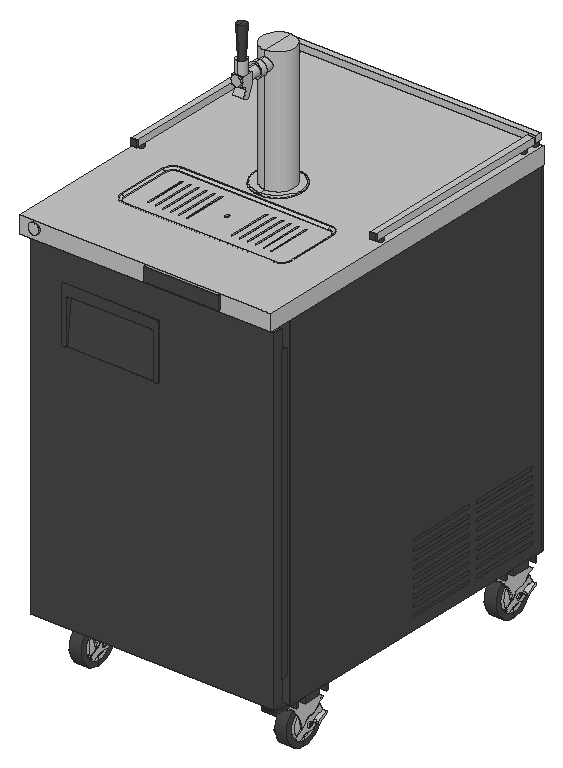
Revit family "QF_EVEREST_EBD1", category Specialty Equipment, Revit 2015
Parameters
  Weight in Pounds = 167
  Watts = if(Phase = 3, Volts * FL Amps * 1.73, Volts * FL Amps)  # 287.5 W
  Volts = 115 V
  URL Cutsheet = ""
  Specification by User = ""
  Specification by Manufacturer = ""
  Show Clearance [instance] = yes
  Show 6 Inches Legs [instance] = no
  Show 5 Inches Casters [instance] = yes
  Show 3.5 Inches Legs [instance] = no
  Show 3 Inches Casters [instance] = no
  Serial Number = ""
  Seismic Rating = ""
  SMACNA No = ""
  Revision Code = ""
  Refrigerant Volume = 0.00 kip
  Refrigerant Type = "R-290"
  Phase = 1
  Number of Poles = 1
  NAFEM Spec ID Number = ""
  Model = "EBD1"
  Min Ckt Ampacity = 0 A
  Max Overcurrent Protection = 0 A
  Masterspec = ""
  Manufacturer = "EVEREST"
  Length = 596 mm
  Item Number = ""
  Installed By = ""
  Identify Quantity as Lot = yes
  Height = 944 mm
  HP = "1/5"
  Furnished By = ""
  Foodservice Equipment Identifier = yes
  FL Amps = 2.5 A
  Electrical Remarks = ""
  Electric Connection Type = ""
  Elec Conn RI Height = 0 mm
  Elec Conn Connection Height = 0 mm
  Description = "DIRECT DRAW KEG REFRIGERATOR"
  Depth = 812 mm
  Default [instance] = if(or(Show 3 Inches Casters, Show 5 Inches Casters), or(or(Show 3.5 Inches Legs, Show 6 Inches Legs), and(Show 3 Inches Casters, Show 5 Inches Casters)), if(Show 3.5 Inches Legs, Show 6 Inches Legs, not(Show 6 Inches Legs)))  # no
  Cycle = 60 Hz
  Conn Plug = "NEMA 5-15P"
  Conn Conduit = yes
  CSI MasterFormat = ""
  Base Height [instance] = if(Show 3 Inches Casters, 76.2 mm, if(Show 5 Inches Casters, 125 mm, if(Show 3.5 Inches Legs, 88.9 mm, if(Show 6 Inches Legs, 152.4 mm, if(Default, 0 mm, 0 mm)))))  # 125 mm
  BTUH = 1655.0 Btu/h
  Apparent Power = if(Phase = 3, Volts * FL Amps * 1.73, Volts * FL Amps)  # 287.5 VA
Reference planes
  plane 1 "BACK": y = 0
  plane 2: z = 0
  plane 3 "LEFT": x = 0
  plane 4 "RIGHT": x = 596
  plane 5 "FRONT": y = -812
  plane 6 "TOP": z = 125
  plane 7 "Center Y": x = 298
  plane 8 "Center X": y = -406
Forms (mm)
  Revolve 1, solid, material "QF_Metal - Stainless - Brushed"
    sketch origin (298, 175.397, 1219.2) x (0, 1, 0) y (0, 0, 1)
      loop
        line (-539.267, -1101.2) -> (-459.793, -1101.2) -> (-459.793, -1093.2) -> (-464.793, -1093.2) -> (-464.793, -1091.2) -> (-468.293, -1091.2) -> (-468.293, -1092.2) -> (-476.379, -1092.2) -> (-479.171, -1091.2) -> (-521.267, -1091.2) -> (-522.681, -1092.2) -> (-533.267, -1092.2) -> (-533.267, -1091.2) -> (-539.267, -1092.2) -> (-539.267, -1101.2)
      axis (-539.267, -1101.2) -> (-459.793, -1101.2)
    angle from 0 to 360
  Extrusion 2, solid, material "QF_Metal - Stainless - Brushed"
    sketch origin (298, 175.397, 1219.2) x (0, 1, 0) y (0, 0, 1)
      loop
        line (-517.567, -1081.2) -> (-514.171, -1096.2) -> (-479.171, -1096.2) -> (-482.567, -1081.2) -> (-517.567, -1081.2)
    from -2 to 2
Dimensions and locks
  equal spacing: plane 3 "LEFT", plane 7 "Center Y", plane 4 "RIGHT"
  "Length": plane 3 "LEFT" to plane 4 "RIGHT"
  equal spacing: plane 5 "FRONT", plane 8 "Center X", plane 1 "BACK"
  "Depth": plane 5 "FRONT" to plane 1 "BACK"
  "Base Height": plane 6 "TOP" to level
  nested 5 to level = 1001 mm
  aligned and locked: plane 2 to level
  aligned and locked: plane 6 "TOP" to nested 5
Automatic sketch dimensions
  Revolve 1 sketch curve to plane 6 "TOP" = 7 mm
  plane 8 "Center X" to Revolve 1 sketch curve = 42.13 mm
  plane 6 "TOP" to Revolve 1 sketch curve = 3 mm  (x2)
  Revolve 1 sketch curve to Revolve 1 sketch curve = 6 mm
  plane 6 "TOP" to Revolve 1 sketch curve = 2 mm  (x3)
  Revolve 1 sketch curve to Revolve 1 sketch curve = 10.586 mm
  Revolve 1 sketch curve to Revolve 1 sketch curve = 1.414 mm
  Revolve 1 sketch curve to Revolve 1 sketch curve = 42.096 mm
  Revolve 1 sketch curve to Revolve 1 sketch curve = 2.792 mm
  Revolve 1 sketch curve to Revolve 1 sketch curve = 8.086 mm
  Revolve 1 sketch curve to Revolve 1 sketch curve = 3.5 mm
  plane 6 "TOP" to Revolve 1 sketch curve = 1 mm
  Revolve 1 sketch curve to Revolve 1 sketch curve = 5 mm
  Revolve 1 sketch curve to Revolve 1 sketch curve = 1 mm
  Revolve 1 sketch curve to Revolve 1 sketch curve = 2.566 mm
  Revolve 1 sketch curve to Revolve 1 sketch curve = 5.98 mm
  Revolve 1 sketch curve to Revolve 1 sketch curve = 0 mm
  plane 6 "TOP" to Extrusion 2 sketch curve = 13 mm
  plane 8 "Center X" to Extrusion 2 sketch curve = 63.83 mm
  Extrusion 2 sketch curve to plane 6 "TOP" = 2 mm
  Extrusion 2 sketch curve to Extrusion 2 sketch curve = 3.396 mm  (x2)
  Extrusion 2 sketch curve to Extrusion 2 sketch curve = 31.604 mm
Nested families
  nested 1: "CASTERS & LEGS" at (53.834, -65.607, 0), Show 3 Inches Casters <- "Show 3 Inches Casters", Show 5 Inches Legs <- "Show 3.5 Inches Legs", Show 5" Casters <- "Show 5 Inches Casters", Show 6"  Legs <- "Show 6 Inches Legs", type "CASTERS & LEGS"
    with Type Mark "", Specification by User "", Show 6"  Legs no, Show 5" Casters yes, Show 5 Inches Legs no, Show 3 Inches Casters no, Revision Code "", Item Number "", Installed By "", Identify Quantity as Lot yes, Furnished By "", Foodservice Equipment Identifier yes
  nested 2: "CASTERS & LEGS" at (542.166, -65.607, 0), Show 3 Inches Casters <- "Show 3 Inches Casters", Show 5 Inches Legs <- "Show 3.5 Inches Legs", Show 5" Casters <- "Show 5 Inches Casters", Show 6"  Legs <- "Show 6 Inches Legs", type "CASTERS & LEGS"
    with Type Mark "", Specification by User "", Show 6"  Legs no, Show 5" Casters yes, Show 5 Inches Legs no, Show 3 Inches Casters no, Revision Code "", Item Number "", Installed By "", Identify Quantity as Lot yes, Furnished By "", Foodservice Equipment Identifier yes
  nested 3: "CASTERS & LEGS" at (53.834, -688.018, 0), Show 3 Inches Casters <- "Show 3 Inches Casters", Show 5 Inches Legs <- "Show 3.5 Inches Legs", Show 5" Casters <- "Show 5 Inches Casters", Show 6"  Legs <- "Show 6 Inches Legs", type "CASTERS & LEGS"
    with Type Mark "", Specification by User "", Show 6"  Legs no, Show 5" Casters yes, Show 5 Inches Legs no, Show 3 Inches Casters no, Revision Code "", Item Number "", Installed By "", Identify Quantity as Lot yes, Furnished By "", Foodservice Equipment Identifier yes
  nested 4: "CASTERS & LEGS" at (542.166, -688.018, 0), Show 3 Inches Casters <- "Show 3 Inches Casters", Show 5 Inches Legs <- "Show 3.5 Inches Legs", Show 5" Casters <- "Show 5 Inches Casters", Show 6"  Legs <- "Show 6 Inches Legs", type "CASTERS & LEGS"
    with Type Mark "", Specification by User "", Show 6"  Legs no, Show 5" Casters yes, Show 5 Inches Legs no, Show 3 Inches Casters no, Revision Code "", Item Number "", Installed By "", Identify Quantity as Lot yes, Furnished By "", Foodservice Equipment Identifier yes
  nested 5: "EBD1" at (0, 0, 0), Show Clearance <- "Show Clearance", type "EBD1"
    with Show Clearance yes
Connectors
  electrical at (298, -284.396, 120), driven by "Volts", driven by "Watts"
    settings: on nested 5, index 1, voltage 115 V, apparent load 287.5 VA, apparent load phase1 0 VA, apparent load phase2 0 VA, apparent load phase3 0 VA, power factor 1, load classification "Other", number of poles 2, system type 30, power factor state 1, is connector primary yes, connector utility no, sub classification motor no, connector description "ELECTRICAL CONNECTION"
Definition of nested family "CASTERS & LEGS"
  Parameters (values of type "CASTERS & LEGS")
    Weight = ""
    URL Manufacturer = ""
    URL Cutsheet = ""
    URL = ""
    Type Mark [instance] = ""
    Specification by User [instance] = ""
    Specification by Manufacturer = ""
    Show 6"  Legs [instance] = no
    Show 5" Casters [instance] = yes
    Show 5 Inches Legs [instance] = no
    Serial Number = ""
    Seismic Rating = ""
    SMACNA No = ""
    Revision Code [instance] = ""
    Omniclass Number and Title = ""
    NAFEM Spec ID Number = ""
    Model = ""
    MasterSpec. = ""
    Manufacturer = ""
    Item Number [instance] = ""
    Installed By [instance] = ""
    Identify Quantity as Lot [instance] = yes
    Furnished By [instance] = ""
    Foodservice Equipment Identifier [instance] = yes
    Description = ""
    CSI MasterFormat = ""
    CSI Master Format = ""
    Assembly Code = ""
    Show 3 Inches Casters [instance] = yes
  Reference planes
    plane 1: z = 0
    plane 2 "RIGHT": x = 0
    plane 3 "FRONT": y = 0
    plane 4 "TOP": z = 127
    plane 5: z = 76.2
  Forms (mm)
    Revolve 1, solid, visible <- "Show 5" Casters"
      sketch origin (-49.224, 25.364, -25.504) x (1, 0, 0) y (0, 0, 1)
        loop
          line (18.81, 76.304) -> (18.81, 74.386) -> (20.08, 73.116) -> (21.604, 73.116) -> (21.604, 70.067) -> (31.369, 70.067) -> (31.369, 65.181) -> (34.939, 63.12) -> (37.88, 44.951) -> (34.131, 44.951) -> (34.131, 38.998) -> (34.925, 38.998) -> (34.925, 25.504) -> (63.103, 25.504) -> (63.103, 38.998) -> (63.897, 38.998) -> (63.897, 44.951) -> (60.148, 44.951) -> (63.103, 63.209) -> (66.659, 65.262) -> (66.659, 70.067) -> (77.218, 70.067) -> (77.218, 73.116) -> (78.742, 73.116) -> (80.012, 74.386) -> (80.012, 76.304) -> (18.81, 76.304)
        axis (18.81, 76.304) -> (80.012, 76.304)
      angle from 0 to 360
    Extrusion 2, solid, visible <- "Show 5" Casters"
      sketch origin (-49.224, 49.87, -19.154) x (0, 1, 0) y (0, 0, 1)
        loop
          line (-85.786, 135.49) -> (-85.786, 125.149) -> (-63.321, 125.149)
          arc (-63.321, 125.149) -> (-37.391, 124.905) -> (-11.779, 120.85) r 175.807
          arc (-11.779, 120.85) -> (3.607, 115.163) -> (17.14, 105.894) r 66.729
          line (17.14, 105.894) -> (20.005, 109.985)
          arc (20.005, 109.985) -> (12.217, 116.012) -> (3.375, 120.348) r 48.686
          line (3.375, 120.348) -> (5.384, 123.823)
          arc (5.384, 123.823) -> (-4.003, 127.534) -> (-13.953, 129.229) r 48.686
          line (-13.953, 129.229) -> (-13.953, 135.49) -> (-85.786, 135.49)
      from 29.809 to 68.639
    Revolve 3, solid, visible <- "Show 5" Casters"
      sketch origin (0, 54.748, -31.75) x (0, 1, 0) y (0, 0, 1)
        loop
          line (-56.335, 158.75) -> (-56.335, 148.085) -> (-26.871, 148.085) -> (-26.871, 158.75) -> (-56.335, 158.75)
        axis (-56.335, 148.085) -> (-56.335, 158.75)
      angle from 0 to 360
    Extrusion 4, solid, visible <- "Show 5" Casters"
      sketch origin (-50.414, 49.87, -19.154) x (0, 1, 0) y (0, 0, 1)
        loop
          line (-85.786, 135.49) -> (-85.786, 125.149) -> (-79.594, 125.149)
          arc (-79.594, 125.149) -> (-54.006, 99.703) -> (-39.582, 66.626) r 96.297
          arc (-39.582, 66.626) -> (-20.695, 54.419) -> (-8.07, 73.029) r 16.082
          arc (-8.07, 73.029) -> (-0.57, 93.403) -> (17.434, 105.537) r 35.307
          line (17.434, 105.537) -> (20.005, 109.985)
          arc (20.005, 109.985) -> (12.217, 116.012) -> (3.375, 120.348) r 48.686
          line (3.375, 120.348) -> (5.384, 123.823)
          arc (5.384, 123.823) -> (-4.003, 127.534) -> (-13.953, 129.229) r 48.686
          line (-13.953, 129.229) -> (-13.953, 135.49) -> (-85.786, 135.49)
      from 69.829 to 73.87
    Extrusion 5, solid, visible <- "Show 5" Casters"
      sketch origin (50.414, 49.87, -19.154) x (0, 1, 0) y (0, 0, -1)
        loop
          line (-85.786, -135.49) -> (-13.953, -135.49) -> (-13.953, -129.229)
          arc (-13.953, -129.229) -> (-4.003, -127.534) -> (5.384, -123.823) r 48.686
          line (5.384, -123.823) -> (3.375, -120.348)
          arc (3.375, -120.348) -> (12.217, -116.012) -> (20.005, -109.985) r 48.686
          line (20.005, -109.985) -> (17.434, -105.537)
          arc (17.434, -105.537) -> (-0.57, -93.403) -> (-8.07, -73.029) r 35.307
          arc (-8.07, -73.029) -> (-20.695, -54.419) -> (-39.582, -66.626) r 16.082
          arc (-39.582, -66.626) -> (-54.006, -99.703) -> (-79.594, -125.149) r 96.297
          line (-79.594, -125.149) -> (-85.786, -125.149) -> (-85.786, -135.49)
      from 69.829 to 73.87
    Extrusion 6, solid, visible <- "Show 5" Casters"
      sketch origin (-24.606, 52.001, -14.628) x (0, 1, 0) y (0, 0, -1)
        loop
          line (-65.658, -51.806) -> (-48.06, -61.966) -> (-38.931, -67.237)
          arc (-38.931, -67.237) -> (-36.934, -70.238) -> (-35.227, -73.414) r 38.511
          arc (-35.227, -73.414) -> (-28.855, -79.511) -> (-20.232, -81.358) r 16.169
          arc (-20.232, -81.358) -> (-17.043, -81.321) -> (-13.877, -81.702) r 24.356
          line (-13.877, -81.702) -> (5.921, -93.132) -> (10.917, -84.478)
          arc (10.917, -84.478) -> (11.804, -78.832) -> (8.674, -74.049) r 7.95
          line (8.674, -74.049) -> (5.356, -77.367)
          arc (5.356, -77.367) -> (6.116, -79.837) -> (3.628, -80.537) r 1.806
          line (3.628, -80.537) -> (-13.41, -70.697)
          arc (-13.41, -70.697) -> (-15.803, -63.781) -> (-9.299, -60.428) r 5.588
          arc (-9.299, -60.428) -> (-8.725, -59.868) -> (-8.601, -59.076) r 1.27
          arc (-8.601, -59.076) -> (-12.712, -53.586) -> (-19.178, -51.298) r 11.834
          line (-19.178, -51.298) -> (-37.992, -51.298)
          arc (-37.992, -51.298) -> (-40.049, -51.027) -> (-41.967, -50.233) r 7.95
          line (-41.967, -50.233) -> (-52.169, -44.343)
          arc (-52.169, -44.343) -> (-58.202, -43.549) -> (-63.029, -47.253) r 7.95
          line (-63.029, -47.253) -> (-65.658, -51.806)
      from 0 to 1.588
    Extrusion 7, solid, visible <- "Show 5" Casters"
      sketch origin (-24.606, 52.001, -14.628) x (0, 1, 0) y (0, 0, -1)
        loop
          line (-11.606, -67.574) -> (11.954, -81.173)
          arc (11.954, -81.173) -> (11.253, -77.179) -> (8.674, -74.049) r 7.95
          line (8.674, -74.049) -> (-9.311, -64.367)
          arc (-9.311, -64.367) -> (-12.227, -64.705) -> (-11.606, -67.574) r 1.981
      from 0 to 12.7
    Extrusion 8, solid, visible <- "Show 5" Casters"
      sketch origin (24.606, 52.001, -14.628) x (0, 1, 0) y (0, 0, 1)
        loop
          line (-65.658, 51.806) -> (-63.029, 47.253)
          arc (-63.029, 47.253) -> (-58.202, 43.549) -> (-52.169, 44.343) r 7.95
          line (-52.169, 44.343) -> (-41.967, 50.233)
          arc (-41.967, 50.233) -> (-40.049, 51.027) -> (-37.992, 51.298) r 7.95
          line (-37.992, 51.298) -> (-19.178, 51.298)
          arc (-19.178, 51.298) -> (-12.712, 53.586) -> (-8.601, 59.076) r 11.834
          arc (-8.601, 59.076) -> (-8.725, 59.868) -> (-9.299, 60.428) r 1.27
          arc (-9.299, 60.428) -> (-15.803, 63.781) -> (-13.41, 70.697) r 5.588
          line (-13.41, 70.697) -> (3.628, 80.537)
          arc (3.628, 80.537) -> (6.116, 79.837) -> (5.356, 77.367) r 1.806
          line (5.356, 77.367) -> (8.674, 74.049)
          arc (8.674, 74.049) -> (11.804, 78.832) -> (10.917, 84.478) r 7.95
          line (10.917, 84.478) -> (5.921, 93.132) -> (-13.877, 81.702)
          arc (-13.877, 81.702) -> (-17.043, 81.321) -> (-20.232, 81.358) r 24.356
          arc (-20.232, 81.358) -> (-28.855, 79.511) -> (-35.227, 73.414) r 16.169
          arc (-35.227, 73.414) -> (-36.934, 70.238) -> (-38.931, 67.237) r 38.511
          line (-38.931, 67.237) -> (-48.06, 61.966) -> (-65.658, 51.806)
      from 0 to 1.588
    Extrusion 9, solid, visible <- "Show 5" Casters"
      sketch origin (24.606, 52.001, -14.628) x (0, 1, 0) y (0, 0, 1)
        loop
          arc (-11.606, 67.574) -> (-12.227, 64.705) -> (-9.311, 64.367) r 1.981
          line (-9.311, 64.367) -> (8.674, 74.049)
          arc (8.674, 74.049) -> (11.253, 77.179) -> (11.954, 81.173) r 7.95
          line (11.954, 81.173) -> (-11.606, 67.574)
      from 0 to 12.7
    Revolve 10, solid, visible <- "Show 6"  Legs"
      sketch origin (0, 282.492, 0) x (0, -1, 0) y (0, 0, -1)
        loop
          line (282.492, -152.4) -> (282.492, 0) -> (269.792, 0) -> (269.792, -33.086) -> (263.442, -33.086) -> (263.442, -152.4) -> (282.492, -152.4)
        axis (282.492, 0) -> (282.492, -152.4)
      angle from 0 to 360
    Revolve 11, solid, visible <- "Show 3 Inches Casters"
      sketch origin (-49.224, 14.225, -25.504) x (1, 0, 0) y (0, 0, 1)
        loop
          line (18.81, 53.682) -> (18.81, 51.765) -> (20.08, 50.495) -> (21.604, 50.495) -> (21.604, 47.445) -> (31.369, 47.445) -> (31.369, 43.353) -> (34.656, 41.455) -> (35.568, 35.823) -> (34.131, 35.823) -> (34.131, 32.648) -> (34.925, 32.648) -> (34.925, 25.504) -> (63.103, 25.504) -> (63.103, 32.648) -> (63.897, 32.648) -> (63.897, 35.823) -> (62.461, 35.823) -> (63.387, 41.544) -> (66.659, 43.434) -> (66.659, 47.445) -> (77.218, 47.445) -> (77.218, 50.495) -> (78.742, 50.495) -> (80.012, 51.765) -> (80.012, 53.682) -> (18.81, 53.682)
        axis (18.81, 53.682) -> (80.012, 53.682)
      angle from 0 to 360
    Extrusion 12, solid, visible <- "Show 3 Inches Casters"
      sketch origin (-49.224, 34.365, -82.654) x (0, 1, 0) y (0, 0, 1)
        loop
          line (-10.438, 149.046) -> (-10.438, 152.724) -> (-58.291, 152.724) -> (-58.291, 145.096) -> (-46.304, 145.096)
          arc (-46.304, 145.096) -> (-25.478, 142.206) -> (-4.976, 137.538) r 244.683
          arc (-4.976, 137.538) -> (3.212, 134.488) -> (10.725, 130.027) r 48.783
          line (10.725, 130.027) -> (13.034, 133.223)
          arc (13.034, 133.223) -> (6.948, 137.813) -> (0.305, 141.552) r 57.159
          line (0.305, 141.552) -> (2.38, 145.142)
          arc (2.38, 145.142) -> (-3.879, 147.585) -> (-10.438, 149.046) r 43.98
      from 29.809 to 68.639
    Revolve 13, solid, visible <- "Show 3 Inches Casters"
      sketch origin (0, 44.16, -82.55) x (0, 1, 0) y (0, 0, 1)
        loop
          line (-44.16, 158.75) -> (-44.16, 152.62) -> (-23.696, 152.62) -> (-23.696, 158.75) -> (-44.16, 158.75)
        axis (-44.16, 152.62) -> (-44.16, 158.75)
      angle from 0 to 360
    Extrusion 14, solid, visible <- "Show 3 Inches Casters"
      sketch origin (-50.414, 34.365, -44.554) x (0, 1, 0) y (0, 0, 1)
        loop
          line (-58.291, 114.624) -> (-58.291, 106.996) -> (-56.068, 106.996)
          arc (-56.068, 106.996) -> (-40.334, 98.348) -> (-33.282, 81.837) r 27.521
          arc (-33.282, 81.837) -> (-32.335, 75.873) -> (-30.382, 70.158) r 35.169
          arc (-30.382, 70.158) -> (-19.737, 63.435) -> (-9.498, 70.763) r 11.278
          arc (-9.498, 70.763) -> (-9.015, 72.239) -> (-8.655, 73.751) r 18.805
          arc (-8.655, 73.751) -> (-1.855, 86.085) -> (10.869, 92.126) r 22.956
          line (10.869, 92.126) -> (13.034, 95.123)
          arc (13.034, 95.123) -> (6.948, 99.713) -> (0.305, 103.452) r 57.159
          line (0.305, 103.452) -> (2.38, 107.042)
          arc (2.38, 107.042) -> (-3.879, 109.485) -> (-10.438, 110.946) r 43.98
          line (-10.438, 110.946) -> (-10.438, 114.624) -> (-58.291, 114.624)
      from 69.829 to 73.87
    Extrusion 15, solid, visible <- "Show 3 Inches Casters"
      sketch origin (50.414, 34.365, -44.554) x (0, 1, 0) y (0, 0, -1)
        loop
          line (-58.291, -114.624) -> (-10.438, -114.624) -> (-10.438, -110.946)
          arc (-10.438, -110.946) -> (-3.879, -109.485) -> (2.38, -107.042) r 43.98
          line (2.38, -107.042) -> (0.305, -103.452)
          arc (0.305, -103.452) -> (6.948, -99.713) -> (13.034, -95.123) r 57.159
          line (13.034, -95.123) -> (10.869, -92.126)
          arc (10.869, -92.126) -> (-1.855, -86.085) -> (-8.655, -73.751) r 22.956
          arc (-8.655, -73.751) -> (-9.015, -72.239) -> (-9.498, -70.763) r 18.805
          arc (-9.498, -70.763) -> (-19.737, -63.435) -> (-30.382, -70.158) r 11.278
          arc (-30.382, -70.158) -> (-32.335, -75.873) -> (-33.282, -81.837) r 35.169
          arc (-33.282, -81.837) -> (-40.334, -98.348) -> (-56.068, -106.996) r 27.521
          line (-56.068, -106.996) -> (-58.291, -106.996) -> (-58.291, -114.624)
      from 69.829 to 73.87
    Extrusion 16, solid, visible <- "Show 3 Inches Casters"
      sketch origin (24.819, 39.348, -36.588) x (0, 1, 0) y (0, 0, 1)
        loop
          line (-60.957, 53.273) -> (-58.619, 49.223)
          arc (-58.619, 49.223) -> (-54.325, 45.929) -> (-48.96, 46.635) r 7.071
          line (-48.96, 46.635) -> (-39.885, 51.874)
          arc (-39.885, 51.874) -> (-38.18, 52.581) -> (-36.35, 52.821) r 7.071
          line (-36.35, 52.821) -> (-19.616, 52.821)
          arc (-19.616, 52.821) -> (-13.865, 54.856) -> (-10.208, 59.74) r 10.526
          arc (-10.208, 59.74) -> (-10.319, 60.444) -> (-10.829, 60.942) r 1.13
          arc (-10.829, 60.942) -> (-16.615, 63.925) -> (-14.486, 70.076) r 4.97
          line (-14.486, 70.076) -> (0.668, 78.828)
          arc (0.668, 78.828) -> (2.882, 78.206) -> (2.205, 76.008) r 1.606
          line (2.205, 76.008) -> (5.156, 73.057)
          arc (5.156, 73.057) -> (7.94, 77.311) -> (7.151, 82.333) r 7.071
          line (7.151, 82.333) -> (2.707, 90.03) -> (-14.901, 79.864)
          arc (-14.901, 79.864) -> (-17.717, 79.525) -> (-20.553, 79.558) r 21.663
          arc (-20.553, 79.558) -> (-28.223, 77.915) -> (-33.891, 72.492) r 14.381
          arc (-33.891, 72.492) -> (-35.409, 69.668) -> (-37.186, 66.998) r 34.253
          line (-37.186, 66.998) -> (-45.305, 62.31) -> (-60.957, 53.273)
      from 0 to 1.588
    Extrusion 17, solid, visible <- "Show 3 Inches Casters"
      sketch origin (31.169, 39.348, -36.588) x (0, 1, 0) y (0, 0, 1)
        loop
          arc (5.156, 73.057) -> (7.601, 76.193) -> (7.967, 80.153) r 7.071
          line (7.967, 80.153) -> (-7.704, 68.88)
          arc (-7.704, 68.88) -> (-8.173, 66.006) -> (-5.299, 65.537) r 2.059
          line (-5.299, 65.537) -> (5.156, 73.057)
      from -6.35 to 12.7
    Extrusion 18, solid, visible <- "Show 3 Inches Casters"
      sketch origin (-24.819, 39.348, -36.588) x (0, 1, 0) y (0, 0, -1)
        loop
          line (-60.957, -53.273) -> (-45.305, -62.31) -> (-37.186, -66.998)
          arc (-37.186, -66.998) -> (-35.409, -69.668) -> (-33.891, -72.492) r 34.253
          arc (-33.891, -72.492) -> (-28.223, -77.915) -> (-20.553, -79.558) r 14.381
          arc (-20.553, -79.558) -> (-17.717, -79.525) -> (-14.901, -79.864) r 21.663
          line (-14.901, -79.864) -> (2.707, -90.03) -> (7.151, -82.333)
          arc (7.151, -82.333) -> (7.94, -77.311) -> (5.156, -73.057) r 7.071
          line (5.156, -73.057) -> (2.205, -76.008)
          arc (2.205, -76.008) -> (2.882, -78.206) -> (0.668, -78.828) r 1.606
          line (0.668, -78.828) -> (-14.486, -70.076)
          arc (-14.486, -70.076) -> (-16.615, -63.925) -> (-10.829, -60.942) r 4.97
          arc (-10.829, -60.942) -> (-10.319, -60.444) -> (-10.208, -59.74) r 1.13
          arc (-10.208, -59.74) -> (-13.865, -54.856) -> (-19.616, -52.821) r 10.526
          line (-19.616, -52.821) -> (-36.35, -52.821)
          arc (-36.35, -52.821) -> (-38.18, -52.581) -> (-39.885, -51.874) r 7.071
          line (-39.885, -51.874) -> (-48.96, -46.635)
          arc (-48.96, -46.635) -> (-54.325, -45.929) -> (-58.619, -49.223) r 7.071
          line (-58.619, -49.223) -> (-60.957, -53.273)
      from 0 to 1.588
    Extrusion 19, solid, visible <- "Show 3 Inches Casters"
      sketch origin (-31.169, 39.348, -36.588) x (0, 1, 0) y (0, 0, -1)
        loop
          line (5.156, -73.057) -> (-5.299, -65.537)
          arc (-5.299, -65.537) -> (-8.173, -66.006) -> (-7.704, -68.88) r 2.059
          line (-7.704, -68.88) -> (7.967, -80.153)
          arc (7.967, -80.153) -> (7.601, -76.193) -> (5.156, -73.057) r 7.071
      from -6.35 to 12.7
    Revolve 20, solid, visible <- "Show 5 Inches Legs"
      sketch origin (0, 282.492, 0) x (0, -1, 0) y (0, 0, -1)
        loop
          line (282.492, -88.9) -> (282.492, 0) -> (269.792, 0) -> (269.792, -33.086) -> (263.442, -33.086) -> (263.442, -88.9) -> (282.492, -88.9)
        axis (282.492, 0) -> (282.492, -88.9)
      angle from 0 to 360
  Cuts and joins
    joined: Extrusion 2, Extrusion 4, Extrusion 5
  Lines and regions (mm)
    symbolic lines, visible <- "Show 5" Casters"
      curve 1: line (13.783, 56.222, 0) -> (38.186, 42.133, 0)
      curve 2: line (-37.017, -31.766, 0) -> (-17.967, 1.23, 0)
      curve 3: line (-12.614, -45.855, 0) -> (-37.017, -31.766, 0)
      curve 4: line (38.186, 42.133, 0) -> (19.136, 9.138, 0)
      curve 5: line (-5.267, 23.227, 0) -> (13.783, 56.222, 0)
      curve 6: line (6.436, -12.859, 0) -> (-12.614, -45.855, 0)
    symbolic lines, visible <- "Show 3 Inches Casters"
      curve 7: line (7.149, 35.609, 0) -> (25.003, 25.301, 0)
      curve 8: line (-23.063, -16.719, 0) -> (-14.698, -2.23, 0)
      curve 9: line (-5.209, -27.027, 0) -> (-23.063, -16.719, 0)
      curve 10: line (25.003, 25.301, 0) -> (12.362, 3.406, 0)
      curve 11: line (-5.551, 13.612, 0) -> (7.149, 35.609, 0)
      curve 12: line (2.837, -13.092, 0) -> (-5.209, -27.027, 0)
  Dimensions and locks
    plane 4 "TOP" to level = 127 mm  (x2)
    locked: Revolve 10 sketch curve to Revolve 10 sketch curve at 33.086
    locked: Revolve 10 sketch curve to Revolve 10 sketch curve at 19.05
    Revolve 20 sketch curve to level = 88.9 mm
    plane 5 to level = 76.2 mm
    aligned and locked: level to plane 1
Definition of nested family "EBD1"
  Parameters (values of type "EBD1")
    Weight in Pounds = 0
    Watts = if(Phase = 3, Volts * FL Amps * 1.73, Volts * FL Amps)  # 0 W
    Volts = 0 V
    URL Cutsheet = ""
    Specification by User = ""
    Specification by Manufacturer = ""
    Show Clearance [instance] = yes
    Serial Number = ""
    Seismic Rating = ""
    SMACNA No = ""
    Revision Code = ""
    Phase = 0
    Number of Poles = 1
    NAFEM Spec ID Number = ""
    Model = "EBD1"
    Min Ckt Ampacity = 0 A
    Max Overcurrent Protection = 0 A
    Masterspec = ""
    Manufacturer = "EVEREST"
    Length = 596 mm
    Item Number = ""
    Installed By = ""
    Identify Quantity as Lot = yes
    Height = 1001 mm
    HP = ""
    Furnished By = ""
    Foodservice Equipment Identifier = yes
    FL Amps = 0 A
    Electrical Remarks = ""
    Electric Connection Type = ""
    Elec Conn RI Height = 0 mm
    Elec Conn Connection Height = 0 mm
    Description = "DIRECT DRAW KEG REFRIGERATOR"
    Depth = 812 mm
    Cycle = 0 Hz
    Conn Plug = ""
    Conn Conduit = yes
    CSI MasterFormat = ""
    Apparent Power = if(Phase = 3, Volts * FL Amps * 1.73, Volts * FL Amps)  # 0 VA
  Reference planes
    plane 1 "BACK": y = 0
    plane 2: z = 0
    plane 3 "LEFT": x = 0
    plane 4 "RIGHT": x = 596
    plane 5 "FRONT": y = -812
    plane 6 "TOP": z = 1001
    plane 7 "Center Y": x = 298
    plane 8 "Center X": y = -406
    plane 9: z = 125
    plane 10: z = 130
    plane 11: z = 1389
    plane 12: z = 1301
    plane 13: y = -1365
  Forms (mm)
    Extrusion 1, solid
      sketch origin (0, 0, 0) x (0, 1, 0) y (0, 0, 1)
        loop
          line (-88, 125) -> (-48, 125) -> (-48, 138) -> (-25, 138) -> (-25, 125) -> (-23, 125) -> (-23, 140) -> (-113, 140) -> (-113, 125) -> (-111, 125) -> (-111, 138) -> (-88, 138) -> (-88, 125)
        loop
          line (-708, 125) -> (-668, 125) -> (-668, 138) -> (-645, 138) -> (-645, 125) -> (-643, 125) -> (-643, 140) -> (-733, 140) -> (-733, 125) -> (-731, 125) -> (-731, 138) -> (-708, 138) -> (-708, 125)
      from 0 to 596
    Extrusion 2, solid
      sketch origin (0, -753, 936) x (0, 0, 1) y (-1, 0, 0)
        loop
          line (11, -9) -> (-791, -9) -> (-791, -587) -> (11, -587) -> (11, -9)
        loop
          arc (-82, -298) -> (-83.464, -301.536) -> (-87, -303) r 5
          line (-87, -303) -> (-188.5, -303)
          arc (-188.5, -303) -> (-189.856, -303.273) -> (-191, -304.051) r 3.5
          arc (-191, -304.051) -> (-191.74, -305.177) -> (-192, -306.5) r 3.5
          line (-192, -306.5) -> (-192, -310.5)
          arc (-192, -310.5) -> (-190.975, -312.975) -> (-188.5, -314) r 3.5
          line (-188.5, -314) -> (-62, -314)
          arc (-62, -314) -> (-58.464, -312.536) -> (-57, -309) r 5
          line (-57, -309) -> (-57, -89)
          arc (-57, -89) -> (-58.464, -85.464) -> (-62, -84) r 5
          line (-62, -84) -> (-188.5, -84)
          arc (-188.5, -84) -> (-190.975, -85.025) -> (-192, -87.5) r 3.5
          line (-192, -87.5) -> (-192, -91.5)
          arc (-192, -91.5) -> (-191.74, -92.823) -> (-191, -93.949) r 3.5
          arc (-191, -93.949) -> (-189.856, -94.727) -> (-188.5, -95) r 3.5
          line (-188.5, -95) -> (-87, -95)
          arc (-87, -95) -> (-83.464, -96.464) -> (-82, -100) r 5
          line (-82, -100) -> (-82, -298)
      from 15.5 to 37.5
    Extrusion 3, void
      sketch origin (84, -753, 747.5) x (0, 0, 1) y (0, -1, 0)
        loop
          line (-3.5, 37.5) -> (107.438, 25.84) -> (107.438, 37.5) -> (-3.5, 37.5)
      from 11 to 219
    Extrusion 4, solid
      sketch origin (0, -768.5, 936) x (0, 0, -1) y (-1, 0, 0)
        loop
          arc (62, -84) -> (58.464, -85.464) -> (57, -89) r 5
          line (57, -89) -> (57, -309)
          arc (57, -309) -> (58.464, -312.536) -> (62, -314) r 5
          line (62, -314) -> (188.5, -314)
          arc (188.5, -314) -> (190.975, -312.975) -> (192, -310.5) r 3.5
          line (192, -310.5) -> (192, -306.5)
          arc (192, -306.5) -> (191.74, -305.177) -> (191, -304.051) r 3.5
          arc (191, -304.051) -> (189.856, -303.273) -> (188.5, -303) r 3.5
          line (188.5, -303) -> (87, -303)
          arc (87, -303) -> (83.464, -301.536) -> (82, -298) r 5
          line (82, -298) -> (82, -100)
          arc (82, -100) -> (83.464, -96.464) -> (87, -95) r 5
          line (87, -95) -> (188.5, -95)
          arc (188.5, -95) -> (189.856, -94.727) -> (191, -93.949) r 3.5
          arc (191, -93.949) -> (191.74, -92.823) -> (192, -91.5) r 3.5
          line (192, -91.5) -> (192, -87.5)
          arc (192, -87.5) -> (190.975, -85.025) -> (188.5, -84) r 3.5
          line (188.5, -84) -> (62, -84)
      from 0 to -23.584
    Extrusion 5, solid
      sketch origin (0, 0, 0) x (0, 1, 0) y (0, 0, 1)
        loop
          line (-768.5, 899) -> (-768.5, 200) -> (-753, 200) -> (-753, 899) -> (-768.5, 899)
      from 9 to 587
    Extrusion 6, solid
      sketch origin (0, 0, 0) x (0, 1, 0) y (0, 0, 1)
        loop
          line (-14.544, 1026) -> (-14.544, 1011) -> (0.456, 1011) -> (0.456, 1026) -> (-14.544, 1026)
      from 7 to 589
    Extrusion 7, solid
      sketch origin (0, 0, 0) x (1, 0, 0) y (0, 0, 1)
        loop
          line (589, 1011) -> (589, 1026) -> (574.651, 1026) -> (574.651, 1011) -> (589, 1011)
        loop
          line (7, 1011) -> (21.349, 1011) -> (21.349, 1026) -> (7, 1026) -> (7, 1011)
      from 20 to 488
    Extrusion 8, solid
      sketch origin (575.651, 0, 1001) x (0, -1, 0) y (-1, 0, 0)
        loop
          circle (466.953, -6) r 6
        loop
          circle (466.953, 561.302) r 6
        loop
          circle (41.047, -6) r 6
        loop
          circle (41.047, 561.302) r 6
        loop
          circle (6.893, -6) r 6
        loop
          circle (6.893, 561.302) r 6
      from -10 to 0
    Extrusion 9, solid
      sketch origin (0, -488, 0) x (1, 0, 0) y (0, 0, 1)
        loop
          line (21.349, 1026) -> (7, 1026) -> (7, 1011) -> (21.349, 1011) -> (21.349, 1026)
        loop
          line (589, 1026) -> (574.651, 1026) -> (574.651, 1011) -> (589, 1011) -> (589, 1026)
      from 0 to 2
    Extrusion 10, solid
      sketch origin (0, 0.408, 1001) x (0, -1, 0) y (1, 0, 0)
        loop
          line (0.408, 0) -> (812.408, 0) -> (812.408, 596) -> (0.408, 596) -> (0.408, 0)
        loop
          arc (483.408, 120.5) -> (490.731, 102.822) -> (508.408, 95.5) r 25
          line (508.408, 95.5) -> (630.408, 95.5)
          arc (630.408, 95.5) -> (648.086, 102.822) -> (655.408, 120.5) r 25
          line (655.408, 120.5) -> (655.408, 475.5)
          arc (655.408, 475.5) -> (648.086, 493.178) -> (630.408, 500.5) r 25
          line (630.408, 500.5) -> (508.408, 500.5)
          arc (508.408, 500.5) -> (490.731, 493.178) -> (483.408, 475.5) r 25
          line (483.408, 475.5) -> (483.408, 120.5)
      from 0 to -40
    Sweep 11, solid
      path origin (0, 0.408, 1001) x (0, -1, 0) y (1, 0, 0)
        loop
          arc (483.408, 120.5) -> (490.731, 102.822) -> (508.408, 95.5) r 25
          line (508.408, 95.5) -> (630.408, 95.5)
          arc (630.408, 95.5) -> (648.086, 102.822) -> (655.408, 120.5) r 25
          line (655.408, 120.5) -> (655.408, 475.5)
          arc (655.408, 475.5) -> (648.086, 493.178) -> (630.408, 500.5) r 25
          line (630.408, 500.5) -> (508.408, 500.5)
          arc (508.408, 500.5) -> (490.731, 493.178) -> (483.408, 475.5) r 25
          line (483.408, 475.5) -> (483.408, 120.5)
      profile origin (298, -483, 1001) x (0, 1, 0) y (0, 0, 1)
        loop
          arc (0, -0.371) -> (-3.13, -3.307) -> (-7.029, -5.099) r 13.357
          line (-7.029, -5.099) -> (-7.029, -6.424) -> (0, -6.424) -> (0, -1.518) -> (0, -0.371)
    Extrusion 12, solid
      sketch origin (120.5, -483, 994.576) x (0, -1, 0) y (-1, 0, 0)
        loop
          line (7.029, 0) -> (7.029, -355)
          arc (7.029, -355) -> (12.292, -367.708) -> (25, -372.971) r 17.971
          line (25, -372.971) -> (147, -372.971)
          arc (147, -372.971) -> (159.708, -367.708) -> (164.971, -355) r 17.971
          line (164.971, -355) -> (164.971, 0)
          arc (164.971, 0) -> (159.708, 12.708) -> (147, 17.971) r 17.971
          line (147, 17.971) -> (25, 17.971)
          arc (25, 17.971) -> (12.292, 12.708) -> (7.029, 0) r 17.971
        loop
          line (134.212, -27.917) -> (36.015, -27.917)
          arc (36.015, -27.917) -> (33.515, -30.417) -> (36.015, -32.917) r 2.5
          line (36.015, -32.917) -> (134.212, -32.917)
          arc (134.212, -32.917) -> (136.712, -30.417) -> (134.212, -27.917) r 2.5
        loop
          line (134.212, -46.667) -> (36.015, -46.667)
          arc (36.015, -46.667) -> (33.515, -49.167) -> (36.015, -51.667) r 2.5
          line (36.015, -51.667) -> (134.212, -51.667)
          arc (134.212, -51.667) -> (136.712, -49.167) -> (134.212, -46.667) r 2.5
        loop
          line (134.212, -65.417) -> (36.015, -65.417)
          arc (36.015, -65.417) -> (33.515, -67.917) -> (36.015, -70.417) r 2.5
          line (36.015, -70.417) -> (134.212, -70.417)
          arc (134.212, -70.417) -> (136.712, -67.917) -> (134.212, -65.417) r 2.5
        loop
          line (134.212, -84.167) -> (36.015, -84.167)
          arc (36.015, -84.167) -> (33.515, -86.667) -> (36.015, -89.167) r 2.5
          line (36.015, -89.167) -> (134.212, -89.167)
          arc (134.212, -89.167) -> (136.712, -86.667) -> (134.212, -84.167) r 2.5
        loop
          line (134.212, -102.917) -> (36.015, -102.917)
          arc (36.015, -102.917) -> (33.515, -105.417) -> (36.015, -107.917) r 2.5
          line (36.015, -107.917) -> (134.212, -107.917)
          arc (134.212, -107.917) -> (136.712, -105.417) -> (134.212, -102.917) r 2.5
        loop
          line (134.212, -121.667) -> (36.015, -121.667)
          arc (36.015, -121.667) -> (33.515, -124.167) -> (36.015, -126.667) r 2.5
          line (36.015, -126.667) -> (134.212, -126.667)
          arc (134.212, -126.667) -> (136.712, -124.167) -> (134.212, -121.667) r 2.5
        loop
          arc (134.212, -327.083) -> (136.712, -324.583) -> (134.212, -322.083) r 2.5
          line (134.212, -322.083) -> (36.015, -322.083)
          arc (36.015, -322.083) -> (33.515, -324.583) -> (36.015, -327.083) r 2.5
          line (36.015, -327.083) -> (134.212, -327.083)
        loop
          arc (134.212, -308.333) -> (136.712, -305.833) -> (134.212, -303.333) r 2.5
          line (134.212, -303.333) -> (36.015, -303.333)
          arc (36.015, -303.333) -> (33.515, -305.833) -> (36.015, -308.333) r 2.5
          line (36.015, -308.333) -> (134.212, -308.333)
        loop
          arc (134.212, -289.583) -> (136.712, -287.083) -> (134.212, -284.583) r 2.5
          line (134.212, -284.583) -> (36.015, -284.583)
          arc (36.015, -284.583) -> (33.515, -287.083) -> (36.015, -289.583) r 2.5
          line (36.015, -289.583) -> (134.212, -289.583)
        loop
          arc (134.212, -270.833) -> (136.712, -268.333) -> (134.212, -265.833) r 2.5
          line (134.212, -265.833) -> (36.015, -265.833)
          arc (36.015, -265.833) -> (33.515, -268.333) -> (36.015, -270.833) r 2.5
          line (36.015, -270.833) -> (134.212, -270.833)
        loop
          arc (134.212, -252.083) -> (136.712, -249.583) -> (134.212, -247.083) r 2.5
          line (134.212, -247.083) -> (36.015, -247.083)
          arc (36.015, -247.083) -> (33.515, -249.583) -> (36.015, -252.083) r 2.5
          line (36.015, -252.083) -> (134.212, -252.083)
        loop
          arc (134.212, -233.333) -> (136.712, -230.833) -> (134.212, -228.333) r 2.5
          line (134.212, -228.333) -> (36.015, -228.333)
          arc (36.015, -228.333) -> (33.515, -230.833) -> (36.015, -233.333) r 2.5
          line (36.015, -233.333) -> (134.212, -233.333)
        loop
          circle (85.114, -177.5) r 5
      from 0 to -1.326
    Revolve 13, solid
      sketch origin (298, 175.397, 1183.703) x (0, 1, 0) y (0, 0, 1)
        loop
          line (-592.397, 117.297) -> (-592.397, -182.703) -> (-534.897, -182.703) -> (-534.897, -181.672)
          arc (-534.897, -181.672) -> (-535.474, -180.28) -> (-536.867, -179.703) r 1.969
          line (-536.867, -179.703) -> (-554.147, -179.703) -> (-554.147, 117.297) -> (-592.397, 117.297)
        axis (-592.397, -182.703) -> (-592.397, 117.297)
      angle from 0 to 360
    Revolve 14, solid
      sketch origin (298, 175.397, 1183.703) x (0, 1, 0) y (0, 0, 1)
        loop
          line (-616.542, 102.297) -> (-647.647, 102.297) -> (-647.647, 104.297) -> (-660.647, 104.297) -> (-660.647, 99.297) -> (-685.647, 99.297) -> (-685.647, 87.297) -> (-616.542, 87.297) -> (-616.542, 102.297)
        axis (-685.647, 87.297) -> (-616.542, 87.297)
      angle from 0 to 360
    Revolve 15, solid
      sketch origin (298, 175.397, 1183.703) x (0, 1, 0) y (0, 0, 1)
        loop
          line (-688.647, 99.297) -> (-688.647, 129.297) -> (-693.294, 129.297) -> (-690.183, 205.297) -> (-700.647, 205.297) -> (-700.647, 99.297) -> (-688.647, 99.297)
        axis (-700.647, 99.297) -> (-700.647, 205.297)
      angle from 0 to 360
    Extrusion 16, solid
      sketch origin (0, 0, 0) x (0, 1, 0) y (0, 0, 1)
        loop
          line (-510.25, 1283) -> (-538.25, 1283) -> (-538.25, 1261.43) -> (-533.891, 1261.43)
          arc (-533.891, 1261.43) -> (-528.941, 1258.81) -> (-528.322, 1253.244) r 5.987
          line (-528.322, 1253.244) -> (-535.226, 1235.754) -> (-521.274, 1230.246) -> (-510.25, 1258.173) -> (-510.25, 1283)
      from 286.048 to 310.005
    Extrusion 17, solid
      sketch origin (0, -538.25, 1261.43) x (0, 0, 1) y (-1, 0, 0)
        loop
          circle (10.785, -298.027) r 11.979
      from 0 to 3
    Extrusion 18, solid
      sketch origin (0, -812, 1001) x (1, 0, 0) y (0, 0, 1)
        loop
          arc (296.25, -34) -> (296.836, -35.414) -> (298.25, -36) r 2
          line (298.25, -36) -> (473.786, -36)
          arc (473.786, -36) -> (475.175, -35.425) -> (475.75, -34.036) r 1.964
          line (475.75, -34.036) -> (475.75, -5.964)
          arc (475.75, -5.964) -> (475.175, -4.575) -> (473.786, -4) r 1.964
          line (473.786, -4) -> (298.25, -4)
          arc (298.25, -4) -> (296.836, -4.586) -> (296.25, -6) r 2
          line (296.25, -6) -> (296.25, -34)
      from 0 to 2
    Extrusion 19, solid
      sketch origin (0, -812, 1001) x (1, 0, 0) y (0, 0, 1)
        loop
          circle (34.478, -16) r 12.75
      from 0 to 2
    Extrusion 20, solid
      sketch origin (0, 0, 0) x (0, 1, 0) y (0, 0, 1)
        loop
          line (-789, 140) -> (-789, 137) -> (-733, 137) -> (-733, 140) -> (-789, 140)
      from 557.2 to 587
    Extrusion 21, solid
      sketch origin (0, 0, 0) x (0, 1, 0) y (0, 0, 1)
        loop
          line (-784, 130) -> (-733, 130) -> (-733, 137) -> (-789, 137) -> (-789, 135)
          arc (-789, 135) -> (-787.536, 131.464) -> (-784, 130) r 5
      from 557.2 to 587
    Extrusion 22, solid
      sketch origin (0, -793.063, 140) x (0, 1, 0) y (-1, 0, 0)
        loop
          circle (14.219, -572.816) r 10
      from 0 to 5
    Extrusion 23, solid
      sketch origin (0, -793.063, 961) x (0, 1, 0) y (-1, 0, 0)
        loop
          circle (14.219, -572.816) r 10
      from 0 to -14
    Extrusion 24, solid, visible <- "Show Clearance", detail levels coarse
      sketch origin (0, 0, 0) x (1, 0, 0) y (0, 1, 0)
        loop
          line (587, -790.5) -> (9, -790.5)
          arc (9, -790.5) -> (178.292, -1199.208) -> (587, -1368.5) r 578
          line (587, -1368.5) -> (587, -790.5)
      from 145 to 947
    Revolve 25, solid
      sketch origin (298, 175.397, 1219.2) x (0, 1, 0) y (0, 0, 1)
        loop
          line (-539.267, -1099.2) -> (-459.793, -1099.2) -> (-459.793, -1091.2) -> (-464.793, -1091.2) -> (-464.793, -1089.2) -> (-468.293, -1089.2) -> (-468.293, -1090.2) -> (-476.379, -1090.2) -> (-479.171, -1089.2) -> (-521.267, -1089.2) -> (-522.681, -1090.2) -> (-533.267, -1090.2) -> (-533.267, -1089.2) -> (-539.267, -1090.2) -> (-539.267, -1099.2)
        axis (-539.267, -1099.2) -> (-459.793, -1099.2)
      angle from 0 to 360
    Extrusion 26, solid
      sketch origin (298, 175.397, 1219.2) x (0, 1, 0) y (0, 0, 1)
        loop
          line (-517.567, -1079.2) -> (-514.171, -1094.2) -> (-479.171, -1094.2) -> (-482.567, -1079.2) -> (-517.567, -1079.2)
      from -2 to 2
    Extrusion 27, solid
      sketch origin (596, 0, 0) x (0, 1, 0) y (0, 0, 1)
        loop
          line (-5, 961) -> (-753, 961) -> (-753, 140) -> (-5, 140) -> (-5, 961)
        loop
          line (-223.753, 336.36) -> (-383.99, 336.36)
          arc (-383.99, 336.36) -> (-388.99, 331.36) -> (-383.99, 326.36) r 5
          line (-383.99, 326.36) -> (-223.753, 326.36)
          arc (-223.753, 326.36) -> (-218.753, 331.36) -> (-223.753, 336.36) r 5
        loop
          arc (-197.247, 336.36) -> (-202.247, 331.36) -> (-197.247, 326.36) r 5
          line (-197.247, 326.36) -> (-37.01, 326.36)
          arc (-37.01, 326.36) -> (-32.01, 331.36) -> (-37.01, 336.36) r 5
          line (-37.01, 336.36) -> (-197.247, 336.36)
        loop
          line (-223.753, 316.381) -> (-383.99, 316.381)
          arc (-383.99, 316.381) -> (-388.99, 311.381) -> (-383.99, 306.381) r 5
          line (-383.99, 306.381) -> (-223.753, 306.381)
          arc (-223.753, 306.381) -> (-218.753, 311.381) -> (-223.753, 316.381) r 5
        loop
          arc (-197.247, 316.381) -> (-202.247, 311.381) -> (-197.247, 306.381) r 5
          line (-197.247, 306.381) -> (-37.01, 306.381)
          arc (-37.01, 306.381) -> (-32.01, 311.381) -> (-37.01, 316.381) r 5
          line (-37.01, 316.381) -> (-197.247, 316.381)
        loop
          line (-223.753, 296.402) -> (-383.99, 296.402)
          arc (-383.99, 296.402) -> (-388.99, 291.402) -> (-383.99, 286.402) r 5
          line (-383.99, 286.402) -> (-223.753, 286.402)
          arc (-223.753, 286.402) -> (-218.753, 291.402) -> (-223.753, 296.402) r 5
        loop
          arc (-197.247, 296.402) -> (-202.247, 291.402) -> (-197.247, 286.402) r 5
          line (-197.247, 286.402) -> (-37.01, 286.402)
          arc (-37.01, 286.402) -> (-32.01, 291.402) -> (-37.01, 296.402) r 5
          line (-37.01, 296.402) -> (-197.247, 296.402)
        loop
          line (-223.753, 276.423) -> (-383.99, 276.423)
          arc (-383.99, 276.423) -> (-388.99, 271.423) -> (-383.99, 266.423) r 5
          line (-383.99, 266.423) -> (-223.753, 266.423)
          arc (-223.753, 266.423) -> (-218.753, 271.423) -> (-223.753, 276.423) r 5
        loop
          arc (-197.247, 276.423) -> (-202.247, 271.423) -> (-197.247, 266.423) r 5
          line (-197.247, 266.423) -> (-37.01, 266.423)
          arc (-37.01, 266.423) -> (-32.01, 271.423) -> (-37.01, 276.423) r 5
          line (-37.01, 276.423) -> (-197.247, 276.423)
        loop
          line (-223.753, 256.443) -> (-383.99, 256.443)
          arc (-383.99, 256.443) -> (-388.99, 251.443) -> (-383.99, 246.443) r 5
          line (-383.99, 246.443) -> (-223.753, 246.443)
          arc (-223.753, 246.443) -> (-218.753, 251.443) -> (-223.753, 256.443) r 5
        loop
          arc (-197.247, 256.443) -> (-202.247, 251.443) -> (-197.247, 246.443) r 5
          line (-197.247, 246.443) -> (-37.01, 246.443)
          arc (-37.01, 246.443) -> (-32.01, 251.443) -> (-37.01, 256.443) r 5
          line (-37.01, 256.443) -> (-197.247, 256.443)
        loop
          line (-223.753, 236.464) -> (-383.99, 236.464)
          arc (-383.99, 236.464) -> (-388.99, 231.464) -> (-383.99, 226.464) r 5
          line (-383.99, 226.464) -> (-223.753, 226.464)
          arc (-223.753, 226.464) -> (-218.753, 231.464) -> (-223.753, 236.464) r 5
        loop
          arc (-197.247, 236.464) -> (-202.247, 231.464) -> (-197.247, 226.464) r 5
          line (-197.247, 226.464) -> (-37.01, 226.464)
          arc (-37.01, 226.464) -> (-32.01, 231.464) -> (-37.01, 236.464) r 5
          line (-37.01, 236.464) -> (-197.247, 236.464)
        loop
          line (-223.753, 216.485) -> (-383.99, 216.485)
          arc (-383.99, 216.485) -> (-388.99, 211.485) -> (-383.99, 206.485) r 5
          line (-383.99, 206.485) -> (-223.753, 206.485)
          arc (-223.753, 206.485) -> (-218.753, 211.485) -> (-223.753, 216.485) r 5
        loop
          arc (-197.247, 216.485) -> (-202.247, 211.485) -> (-197.247, 206.485) r 5
          line (-197.247, 206.485) -> (-37.01, 206.485)
          arc (-37.01, 206.485) -> (-32.01, 211.485) -> (-37.01, 216.485) r 5
          line (-37.01, 216.485) -> (-197.247, 216.485)
        loop
          line (-223.753, 196.506) -> (-383.99, 196.506)
          arc (-383.99, 196.506) -> (-388.99, 191.506) -> (-383.99, 186.506) r 5
          line (-383.99, 186.506) -> (-223.753, 186.506)
          arc (-223.753, 186.506) -> (-218.753, 191.506) -> (-223.753, 196.506) r 5
        loop
          arc (-197.247, 196.506) -> (-202.247, 191.506) -> (-197.247, 186.506) r 5
          line (-197.247, 186.506) -> (-37.01, 186.506)
          arc (-37.01, 186.506) -> (-32.01, 191.506) -> (-37.01, 196.506) r 5
          line (-37.01, 196.506) -> (-197.247, 196.506)
        loop
          line (-223.753, 176.527) -> (-383.99, 176.527)
          arc (-383.99, 176.527) -> (-388.99, 171.527) -> (-383.99, 166.527) r 5
          line (-383.99, 166.527) -> (-223.753, 166.527)
          arc (-223.753, 166.527) -> (-218.753, 171.527) -> (-223.753, 176.527) r 5
        loop
          arc (-197.247, 176.527) -> (-202.247, 171.527) -> (-197.247, 166.527) r 5
          line (-197.247, 166.527) -> (-37.01, 166.527)
          arc (-37.01, 166.527) -> (-32.01, 171.527) -> (-37.01, 176.527) r 5
          line (-37.01, 176.527) -> (-197.247, 176.527)
      from 0 to -2
    Extrusion 28, solid
      sketch origin (0, 0, 0) x (0, 1, 0) y (0, 0, 1)
        loop
          line (-753, 961) -> (-753, 140) -> (-5, 140) -> (-5, 961) -> (-753, 961)
      from 2 to 594
    Extrusion 29, solid
      sketch origin (0, 0, 0) x (0, 1, 0) y (0, 0, 1)
        loop
          line (-3, 961) -> (-753, 961) -> (-753, 140) -> (-3, 140) -> (-3, 961)
        loop
          line (-223.753, 336.36) -> (-383.99, 336.36)
          arc (-383.99, 336.36) -> (-388.99, 331.36) -> (-383.99, 326.36) r 5
          line (-383.99, 326.36) -> (-223.753, 326.36)
          arc (-223.753, 326.36) -> (-218.753, 331.36) -> (-223.753, 336.36) r 5
        loop
          arc (-197.247, 336.36) -> (-202.247, 331.36) -> (-197.247, 326.36) r 5
          line (-197.247, 326.36) -> (-37.01, 326.36)
          arc (-37.01, 326.36) -> (-32.01, 331.36) -> (-37.01, 336.36) r 5
          line (-37.01, 336.36) -> (-197.247, 336.36)
        loop
          line (-223.753, 316.381) -> (-383.99, 316.381)
          arc (-383.99, 316.381) -> (-388.99, 311.381) -> (-383.99, 306.381) r 5
          line (-383.99, 306.381) -> (-223.753, 306.381)
          arc (-223.753, 306.381) -> (-218.753, 311.381) -> (-223.753, 316.381) r 5
        loop
          arc (-197.247, 316.381) -> (-202.247, 311.381) -> (-197.247, 306.381) r 5
          line (-197.247, 306.381) -> (-37.01, 306.381)
          arc (-37.01, 306.381) -> (-32.01, 311.381) -> (-37.01, 316.381) r 5
          line (-37.01, 316.381) -> (-197.247, 316.381)
        loop
          line (-223.753, 296.402) -> (-383.99, 296.402)
          arc (-383.99, 296.402) -> (-388.99, 291.402) -> (-383.99, 286.402) r 5
          line (-383.99, 286.402) -> (-223.753, 286.402)
          arc (-223.753, 286.402) -> (-218.753, 291.402) -> (-223.753, 296.402) r 5
        loop
          arc (-197.247, 296.402) -> (-202.247, 291.402) -> (-197.247, 286.402) r 5
          line (-197.247, 286.402) -> (-37.01, 286.402)
          arc (-37.01, 286.402) -> (-32.01, 291.402) -> (-37.01, 296.402) r 5
          line (-37.01, 296.402) -> (-197.247, 296.402)
        loop
          line (-223.753, 276.423) -> (-383.99, 276.423)
          arc (-383.99, 276.423) -> (-388.99, 271.423) -> (-383.99, 266.423) r 5
          line (-383.99, 266.423) -> (-223.753, 266.423)
          arc (-223.753, 266.423) -> (-218.753, 271.423) -> (-223.753, 276.423) r 5
        loop
          arc (-197.247, 276.423) -> (-202.247, 271.423) -> (-197.247, 266.423) r 5
          line (-197.247, 266.423) -> (-37.01, 266.423)
          arc (-37.01, 266.423) -> (-32.01, 271.423) -> (-37.01, 276.423) r 5
          line (-37.01, 276.423) -> (-197.247, 276.423)
        loop
          line (-223.753, 256.443) -> (-383.99, 256.443)
          arc (-383.99, 256.443) -> (-388.99, 251.443) -> (-383.99, 246.443) r 5
          line (-383.99, 246.443) -> (-223.753, 246.443)
          arc (-223.753, 246.443) -> (-218.753, 251.443) -> (-223.753, 256.443) r 5
        loop
          arc (-197.247, 256.443) -> (-202.247, 251.443) -> (-197.247, 246.443) r 5
          line (-197.247, 246.443) -> (-37.01, 246.443)
          arc (-37.01, 246.443) -> (-32.01, 251.443) -> (-37.01, 256.443) r 5
          line (-37.01, 256.443) -> (-197.247, 256.443)
        loop
          line (-223.753, 236.464) -> (-383.99, 236.464)
          arc (-383.99, 236.464) -> (-388.99, 231.464) -> (-383.99, 226.464) r 5
          line (-383.99, 226.464) -> (-223.753, 226.464)
          arc (-223.753, 226.464) -> (-218.753, 231.464) -> (-223.753, 236.464) r 5
        loop
          arc (-197.247, 236.464) -> (-202.247, 231.464) -> (-197.247, 226.464) r 5
          line (-197.247, 226.464) -> (-37.01, 226.464)
          arc (-37.01, 226.464) -> (-32.01, 231.464) -> (-37.01, 236.464) r 5
          line (-37.01, 236.464) -> (-197.247, 236.464)
        loop
          line (-223.753, 216.485) -> (-383.99, 216.485)
          arc (-383.99, 216.485) -> (-388.99, 211.485) -> (-383.99, 206.485) r 5
          line (-383.99, 206.485) -> (-223.753, 206.485)
          arc (-223.753, 206.485) -> (-218.753, 211.485) -> (-223.753, 216.485) r 5
        loop
          arc (-197.247, 216.485) -> (-202.247, 211.485) -> (-197.247, 206.485) r 5
          line (-197.247, 206.485) -> (-37.01, 206.485)
          arc (-37.01, 206.485) -> (-32.01, 211.485) -> (-37.01, 216.485) r 5
          line (-37.01, 216.485) -> (-197.247, 216.485)
        loop
          line (-223.753, 196.506) -> (-383.99, 196.506)
          arc (-383.99, 196.506) -> (-388.99, 191.506) -> (-383.99, 186.506) r 5
          line (-383.99, 186.506) -> (-223.753, 186.506)
          arc (-223.753, 186.506) -> (-218.753, 191.506) -> (-223.753, 196.506) r 5
        loop
          arc (-197.247, 196.506) -> (-202.247, 191.506) -> (-197.247, 186.506) r 5
          line (-197.247, 186.506) -> (-37.01, 186.506)
          arc (-37.01, 186.506) -> (-32.01, 191.506) -> (-37.01, 196.506) r 5
          line (-37.01, 196.506) -> (-197.247, 196.506)
        loop
          line (-223.753, 176.527) -> (-383.99, 176.527)
          arc (-383.99, 176.527) -> (-388.99, 171.527) -> (-383.99, 166.527) r 5
          line (-383.99, 166.527) -> (-223.753, 166.527)
          arc (-223.753, 166.527) -> (-218.753, 171.527) -> (-223.753, 176.527) r 5
        loop
          arc (-197.247, 176.527) -> (-202.247, 171.527) -> (-197.247, 166.527) r 5
          line (-197.247, 166.527) -> (-37.01, 166.527)
          arc (-37.01, 166.527) -> (-32.01, 171.527) -> (-37.01, 176.527) r 5
          line (-37.01, 176.527) -> (-197.247, 176.527)
      from 0 to 2
    Extrusion 30, solid
      sketch origin (0, -3, 961) x (0, 0, -1) y (-1, 0, 0)
        loop
          line (0, -596) -> (821, -596) -> (821, -2) -> (0, -2) -> (0, -596)
        loop
          arc (794.473, -125.817) -> (789.473, -120.817) -> (784.473, -125.817) r 5
          line (784.473, -125.817) -> (784.473, -267.889)
          arc (784.473, -267.889) -> (789.473, -272.889) -> (794.473, -267.889) r 5
          line (794.473, -267.889) -> (794.473, -125.817)
        loop
          arc (774.494, -125.817) -> (769.494, -120.817) -> (764.494, -125.817) r 5
          line (764.494, -125.817) -> (764.494, -267.889)
          arc (764.494, -267.889) -> (769.494, -272.889) -> (774.494, -267.889) r 5
          line (774.494, -267.889) -> (774.494, -125.817)
        loop
          arc (754.515, -125.817) -> (749.515, -120.817) -> (744.515, -125.817) r 5
          line (744.515, -125.817) -> (744.515, -267.889)
          arc (744.515, -267.889) -> (749.515, -272.889) -> (754.515, -267.889) r 5
          line (754.515, -267.889) -> (754.515, -125.817)
        loop
          arc (734.536, -125.817) -> (729.536, -120.817) -> (724.536, -125.817) r 5
          line (724.536, -125.817) -> (724.536, -267.889)
          arc (724.536, -267.889) -> (729.536, -272.889) -> (734.536, -267.889) r 5
          line (734.536, -267.889) -> (734.536, -125.817)
        loop
          arc (714.557, -125.817) -> (709.557, -120.817) -> (704.557, -125.817) r 5
          line (704.557, -125.817) -> (704.557, -267.889)
          arc (704.557, -267.889) -> (709.557, -272.889) -> (714.557, -267.889) r 5
          line (714.557, -267.889) -> (714.557, -125.817)
        loop
          arc (694.577, -125.817) -> (689.577, -120.817) -> (684.577, -125.817) r 5
          line (684.577, -125.817) -> (684.577, -267.889)
          arc (684.577, -267.889) -> (689.577, -272.889) -> (694.577, -267.889) r 5
          line (694.577, -267.889) -> (694.577, -125.817)
        loop
          arc (674.598, -125.817) -> (669.598, -120.817) -> (664.598, -125.817) r 5
          line (664.598, -125.817) -> (664.598, -267.889)
          arc (664.598, -267.889) -> (669.598, -272.889) -> (674.598, -267.889) r 5
          line (674.598, -267.889) -> (674.598, -125.817)
        loop
          arc (654.619, -125.817) -> (649.619, -120.817) -> (644.619, -125.817) r 5
          line (644.619, -125.817) -> (644.619, -267.889)
          arc (644.619, -267.889) -> (649.619, -272.889) -> (654.619, -267.889) r 5
          line (654.619, -267.889) -> (654.619, -125.817)
        loop
          arc (634.64, -125.817) -> (629.64, -120.817) -> (624.64, -125.817) r 5
          line (624.64, -125.817) -> (624.64, -267.889)
          arc (624.64, -267.889) -> (629.64, -272.889) -> (634.64, -267.889) r 5
          line (634.64, -267.889) -> (634.64, -125.817)
        loop
          line (794.473, -470.183) -> (794.473, -328.111)
          arc (794.473, -328.111) -> (789.473, -323.111) -> (784.473, -328.111) r 5
          line (784.473, -328.111) -> (784.473, -470.183)
          arc (784.473, -470.183) -> (789.473, -475.183) -> (794.473, -470.183) r 5
        loop
          line (774.494, -470.183) -> (774.494, -328.111)
          arc (774.494, -328.111) -> (769.494, -323.111) -> (764.494, -328.111) r 5
          line (764.494, -328.111) -> (764.494, -470.183)
          arc (764.494, -470.183) -> (769.494, -475.183) -> (774.494, -470.183) r 5
        loop
          line (754.515, -470.183) -> (754.515, -328.111)
          arc (754.515, -328.111) -> (749.515, -323.111) -> (744.515, -328.111) r 5
          line (744.515, -328.111) -> (744.515, -470.183)
          arc (744.515, -470.183) -> (749.515, -475.183) -> (754.515, -470.183) r 5
        loop
          line (734.536, -470.183) -> (734.536, -328.111)
          arc (734.536, -328.111) -> (729.536, -323.111) -> (724.536, -328.111) r 5
          line (724.536, -328.111) -> (724.536, -470.183)
          arc (724.536, -470.183) -> (729.536, -475.183) -> (734.536, -470.183) r 5
        loop
          line (714.557, -470.183) -> (714.557, -328.111)
          arc (714.557, -328.111) -> (709.557, -323.111) -> (704.557, -328.111) r 5
          line (704.557, -328.111) -> (704.557, -470.183)
          arc (704.557, -470.183) -> (709.557, -475.183) -> (714.557, -470.183) r 5
        loop
          line (694.577, -470.183) -> (694.577, -328.111)
          arc (694.577, -328.111) -> (689.577, -323.111) -> (684.577, -328.111) r 5
          line (684.577, -328.111) -> (684.577, -470.183)
          arc (684.577, -470.183) -> (689.577, -475.183) -> (694.577, -470.183) r 5
        loop
          line (674.598, -470.183) -> (674.598, -328.111)
          arc (674.598, -328.111) -> (669.598, -323.111) -> (664.598, -328.111) r 5
          line (664.598, -328.111) -> (664.598, -470.183)
          arc (664.598, -470.183) -> (669.598, -475.183) -> (674.598, -470.183) r 5
        loop
          line (654.619, -470.183) -> (654.619, -328.111)
          arc (654.619, -328.111) -> (649.619, -323.111) -> (644.619, -328.111) r 5
          line (644.619, -328.111) -> (644.619, -470.183)
          arc (644.619, -470.183) -> (649.619, -475.183) -> (654.619, -470.183) r 5
        loop
          line (634.64, -470.183) -> (634.64, -328.111)
          arc (634.64, -328.111) -> (629.64, -323.111) -> (624.64, -328.111) r 5
          line (624.64, -328.111) -> (624.64, -470.183)
          arc (624.64, -470.183) -> (629.64, -475.183) -> (634.64, -470.183) r 5
      from 0 to -2
  Cuts and joins
    Extrusion 3 cuts Extrusion 2
    joined: Revolve 13, Revolve 14
  Lines and regions (mm)
    symbolic lines
      curve 1: line (596, -812, 0) -> (0, -812, 0)
      curve 2: line (596, 0, 0) -> (596, -812, 0)
      curve 3: line (0, 0, 0) -> (596, 0, 0)
      curve 4: line (0, -812, 0) -> (0, 0, 0)
      curve 5: line (574.651, -20, 0) -> (589, -20, 0)
      curve 6: line (574.651, -490, 0) -> (574.651, -20, 0)
      curve 7: line (589, -490, 0) -> (574.651, -490, 0)
      curve 8: line (589, -20, 0) -> (589, -490, 0)
      curve 9: line (7, -20, 0) -> (21.349, -20, 0)
